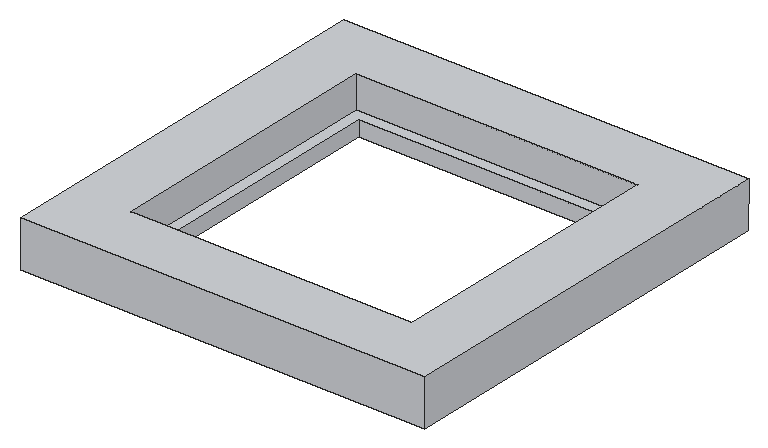
Revit family "Gira_021123", category Electrical Fixtures, host Face, Revit 2017
Family settings
  Host = Face
  Maintain Annotation Orientation = No
  Round Connector Dimension = Use Diameter
  Part Type = Normal
  Cut with Voids When Loaded = No
  Shared = No
  Room Calculation Point = No
Parameters (values of type "Cov.fr. 1-g Gira E2 anthra.")
  With mounting grid = "No"
  With hinged lid = "No"
  URL = "http://katalog.gira.de/en/datenblatt.html?artikelnr=021123"
  Type of fastening = "Clamp mounting"
  Transparent = "No"
  Surface protection = "Other"
  Suitable for wall duct = "No"
  Suitable for flush-mounted installation = "Yes"
  Suitable for floor box = "No"
  Suitable for built-in installation = "No"
  Number of units vertical = "1"
  Number of units horizontal = "1"
  Number of units = "1"
  Name = "Cov.fr. 1-g Gira E2 anthra."
  Mounting direction = "Horizontal and vertical"
  Material quality = "Thermoplastic"
  Material = "Plastic"
  Manufacturer URL = "https://www.gira.de/"
  Manufacturer = "Gira"
  Label space/information surface = "No"
  Keynote = ""
  HeinzeBIM = "https://bimportal.heinze.de/bim/cov-fr-1-g-gira-e2-anthra-/ddd2e86515712e84c8fa99e65678dd5719140cca"
  Halogen free = "Yes"
  HAN = "021123"
  GTIN = "4010337211235"
  Description = "Cov.fr.1g E2 AN,Gira E2 cover frame,anthracite,1-gang,Features:,- Shatter-proof.,,Notes :,- Also suitable for duct installation.,- In connection with the seal kit, frame (1-gang to 5-gang) is also suitable for installation as water-protected flush-mounted IP44."
  Degree of protection (IP) = "IP20"
  Default Elevation = 1219.2 mm
  Data sheet (1) = "https://katalog.gira.de/en/download.html?artikelnr=021123"
  Colour = "Anthracite"
  Category = "Cover frame for domestic switching devices"
  BIM (1) = "https://media.stage.bim.site/public/gira/36a6b08/E2_Rahmen_1fach.rfa"
  Available = "No"
Reference planes
  plane 1 "Center (Front/Back)": y = 0
  plane 2: z = 0
  plane 3 "Center (Left/Right)": x = 0
Forms (mm)
  Extrusion 1, solid, detail levels fine
    sketch origin (0, 0, 0) x (1, 0, 0) y (0, 1, 0)
      loop
        line (40.4, 40.4) -> (-40.4, 40.4) -> (-40.4, -40.4) -> (40.4, -40.4) -> (40.4, 40.4)
      loop
        line (-28.152, 28.1) -> (-28.152, -28.152) -> (28.1, -28.152) -> (28.1, 28.1) -> (-28.152, 28.1)
    from 0 to 9.3
  Extrusion 2, solid, detail levels fine
    sketch origin (0, 0, 0) x (1, 0, 0) y (0, 1, 0)
      loop
        line (-28.152, -28.152) -> (28.1, -28.152) -> (28.1, 28.1) -> (-28.152, 28.1) -> (-28.152, -28.152)
      loop
        line (25.7, -25.7) -> (25.7, 25.7) -> (-25.7, 25.7) -> (-25.7, -25.7) -> (25.7, -25.7)
    from 0 to 3
  Extrusion 3, solid, detail levels coarse+medium
    sketch origin (0, 0, 0) x (1, 0, 0) y (0, 1, 0)
      loop
        line (40.4, 40.4) -> (-40.4, 40.4) -> (-40.4, -40.4) -> (40.4, -40.4) -> (40.4, 40.4)
    from 0 to 9.3
Dimensions and locks
  aligned and locked: plane 2 to host face
  aligned and locked: level to host face
